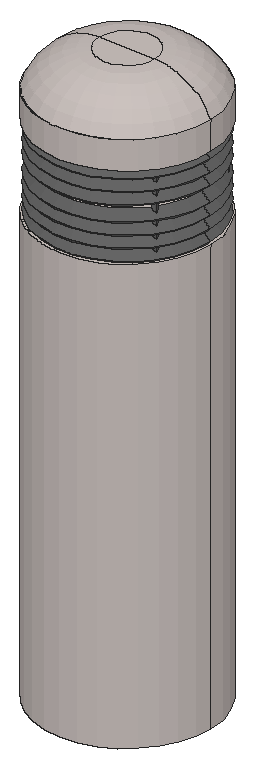
Revit family "CB12R", category Lighting Fixtures, host Face, Revit 2014
Parameters (values of type "39"")
  Wattage Comments = "37.7W"  # constant formula
  Wattage = 37 W
  built-in parameter 1150110 = 1 (stored number, unit not read)
  Voltage = 120 V
  URL = "https://www.hubbell.com/architecturalarealighting/en/"
  Type Comments = "Lighting Fixture"  # constant formula
  built-in parameter 1114217 = 1 (stored number, unit not read)
  Tilt Angle = 90.00°
  built-in parameter 1150109 = 1 (stored number, unit not read)
  built-in parameter 1150134 = 3
  built-in parameter 1150113 = 1 (stored number, unit not read)
  Grille Length = 6"
  Flat Top [instance] = not(Dome Top)  # no
  Dome Top [instance] = yes
  Copyrights = "Copyright © 2018 Hubbell"  # constant formula
  Contact Us = "https://www.hubbell.com/hubbelllightingci/en/contactUs?productId=220614"
  Body Material = Concrete-Hubbell- Sand/Cement Screed
  Shaft Height = 39"
  Series = "Concrete Bollard"  # constant formula
  Create Date = "09/25/2018"  # constant formula
  Product Page URL = "https://www.hubbell.com/hubbelllightingci/en/Products/Lighting-Controls/Commercial-Outdoor-Lighting/Bollards/Concrete-Bollard---12-Round/p/220614"
  Product Documentation Link = "https://hubbellcdn.com/specsheet/aal_cb12r_spec.pdf"
  Power Factor = 1  # constant formula
  Photometric Web Link = "https://www.hubbell.com/hubbelllightingci/en/Products/Lighting-Controls/Commercial-Outdoor-Lighting/Bollards/Concrete-Bollard---12-Round/p/220614#prod-resources-section"
  Photometric Web File = "CB12R-CO-36LED-WW.ies"
  Photometric Notes = "More IES files download on Photometric Web Link"  # constant formula
  OmniClass Title = "Lighting Bollard"  # constant formula
  OmniClass Number = "23.80.70.14.11.11"  # constant formula
  Number of Poles = 1
  Model = "CB12R"  # constant formula
  MasterFormat Title = "Parking Lighting, Roadway Lighting, Site Lighting"  # constant formula
  Manufacturer = "Architectural Area Lighting"  # constant formula
  built-in parameter 1150105 = 51.821 (stored number, unit not read)
  Lumens = 651.2 lm
  built-in parameter 1150115 = 1 (stored number, unit not read)
  Load Classification = Lighting
  built-in parameter 1150137 = (empty or 0)
  built-in parameter 1150139 = (empty or 0)
  built-in parameter 1150112 = 1 (stored number, unit not read)
  built-in parameter 1150114 = 1 (stored number, unit not read)
  Lamp = "LED"  # constant formula
  built-in parameter 1150132 = (empty or 0)
  built-in parameter 1150102 = (empty or 0)
  built-in parameter 1150107 = 3200 (stored number, unit not read)
  built-in parameter 1150138 = (empty or 0)
  built-in parameter 1150106 = 0.51821 (stored number, unit not read)
  Grille material = Paint - Hubbell - Carbon Black
  Glass Material = Glass-Kim Lighting-Clear
  Emit from Circle Diameter = 6"  # constant formula
  Emit Shape Visible in Rendering = no
  built-in parameter 1150104 = 1.6351 (stored number, unit not read)
  Dimming Lamp Color Temperature Shift = <None>
  Description = "Architectural Outdoor Lighting"  # constant formula
  Default Elevation = 0"
  Color Filter = 16777215
  built-in parameter 1114218 = 1 (stored number, unit not read)
  built-in parameter 1150133 = 10 (stored number, unit not read)
  Assembly Code = "D5020200"
  Apparent Load = 0 VA
Types (9): name | Shaft Height
  24" | 24"
  26" | 26"
  36" | 36"
  38" | 38"
  41" | 41"
  43" | 43"
  39" | 39"
  42" | 42"
  44" | 44"
Reference planes (in)
  plane 1 "Center (Front/Back)": y = 0
  plane 2: z = 0
  plane 3 "Center (Left/Right)": x = 2
  plane 4 "Top of Shaft": z = 39
  plane 5 "Left": x = -4.75
  plane 6 "Right": x = 8.75
  plane 7: x = -4
  plane 8: x = 8
  plane 9 "Back": y = 4
  plane 10 "Front": y = -4
  plane 11: z = 37
  plane 12: z = 31
  plane 13: z = 41.5
Forms (in)
  Revolve 1, solid, material "Concrete-Hubbell- Sand/Cement Screed" <- "Body Material"
    sketch origin (0, 0, 0) x (1, 0, 0) y (0, 0, 1)
      loop
        line (-4, 39) -> (-4, 0) -> (2, 0) -> (2, 39) -> (-4, 39)
      axis (2, 39) -> (2, 0)
    angle from 0 to 360
  Extrusion 2, void
    sketch origin (0, 0, 42.5) x (-1, 0, 0) y (0, -1, 0)
      loop
        circle (-2, 0) r 6
    from -11.5 to -5.5
  Revolve 3, solid, material "Paint - Hubbell - Carbon Black" <- "Grille material"
    sketch origin (0, 0, 0) x (1, 0, 0) y (0, 0, 1)
      loop
        line (-3.3125, 31.68718) -> (-3.875, 31.12468) -> (-3.73413, 30.98381) -> (-3.17163, 31.54631) -> (-3.3125, 31.68718)
      loop
        line (-3.3125, 32.53011) -> (-3.875, 31.96761) -> (-3.73413, 31.82675) -> (-3.17163, 32.38925) -> (-3.3125, 32.53011)
      loop
        line (-3.3125, 33.37305) -> (-3.875, 32.81055) -> (-3.73413, 32.66968) -> (-3.17163, 33.23218) -> (-3.3125, 33.37305)
      loop
        line (-3.3125, 34.21599) -> (-3.875, 33.65349) -> (-3.73413, 33.51262) -> (-3.17163, 34.07512) -> (-3.3125, 34.21599)
      loop
        line (-3.3125, 35.30828) -> (-3.875, 34.74578) -> (-3.73413, 34.60491) -> (-3.17163, 35.16741) -> (-3.3125, 35.30828)
      loop
        line (-3.3125, 36.15122) -> (-3.875, 35.58872) -> (-3.73413, 35.44785) -> (-3.17163, 36.01035) -> (-3.3125, 36.15122)
      loop
        line (-3.3125, 36.99416) -> (-3.875, 36.43166) -> (-3.73413, 36.29079) -> (-3.17163, 36.85329) -> (-3.3125, 36.99416)
      axis (2, 36.99416) -> (2, 30.98381)
    angle from 0 to 360
  Extrusion 4, solid, material "Paint - Hubbell - Carbon Black" <- "Grille material"
    sketch origin (0, 0, 42.5) x (-1, 0, 0) y (0, -1, 0)
      loop
        circle (-6.40735, -3.32451) r 0.17433
      loop
        circle (2.3136, -3.23076) r 0.17433
      loop
        circle (-6.3761, 3.04326) r 0.17433
      loop
        circle (2.3761, 2.91826) r 0.17433
    from -11.5 to -5.5
  Revolve 5, solid, material "Concrete-Hubbell- Sand/Cement Screed" <- "Body Material", visible <- "Dome Top"
    sketch origin (0, 0, 2.00584) x (1, 0, 0) y (0, 0, 1)
      loop
        line (2, 34.99416) -> (2, 39.49416) -> (0, 39.49416)
        arc (0, 39.49416) -> (-2.3585, 38.81775) -> (-4, 36.99416) r 4.45
        line (-4, 36.99416) -> (-4, 34.99416) -> (2, 34.99416)
      axis (2, 39.49416) -> (2, 34.99416)
    angle from 0 to 360
  Extrusion 6, solid, material "Concrete-Hubbell- Sand/Cement Screed" <- "Body Material", visible <- "Flat Top"
    sketch origin (0, 0, 42.5) x (-1, 0, 0) y (0, -1, 0)
      loop
        circle (-2, 0) r 6
    from -3.5 to -1
  Sweep 7, void
    path in 3D
      loop
        arc (8, 0, 41.5) -> (2, -6, 41.5) -> (-4, 0, 41.5) r 6
        arc (-4, 0, 41.5) -> (2, 6, 41.5) -> (8, 0, 41.5) r 6
    profile origin (2, 6, 41.5) x (0, 1, 0) y (0, 0, 1)
      loop
        line (0, 0) -> (-0.5, 0)
        arc (-0.5, 0) -> (-0.14645, -0.14645) -> (0, -0.5) r 0.5
        line (0, -0.5) -> (0, 0)
Cuts and joins
  Extrusion 2 cuts Revolve 1
  Sweep 7 cuts Extrusion 6
Lines and regions (in)
  symbolic lines
    curve 1: arc (-4.75, 0, 42.5) -> (2, 6.75, 42.5) -> (8.75, 0, 42.5) r 6.75
    curve 2: arc (8.75, 0, 42.5) -> (2, -6.75, 42.5) -> (-4.75, 0, 42.5) r 6.75
  symbolic lines, detail levels medium+fine
    curve 3: arc (-4.25, 0, 42.5) -> (2, -6.25, 42.5) -> (8.25, 0, 42.5) r 6.25
    curve 4: arc (8.25, 0, 42.5) -> (2, 6.25, 42.5) -> (-4.25, 0, 42.5) r 6.25
  symbolic lines, detail levels coarse
    curve 5: line (7.35876, -4.10441, 42.5) -> (-3.35876, 4.10441, 42.5)
    curve 6: line (-3.35876, -4.10441, 42.5) -> (7.35876, 4.10441, 42.5)
  sketch lines
    curve 7: arc (-4, 0, 41.5) -> (2, 6, 41.5) -> (8, 0, 41.5) r 6
    curve 8: arc (8, 0, 41.5) -> (2, -6, 41.5) -> (-4, 0, 41.5) r 6
Dimensions and locks (in)
  equal spacing: plane 5 "Left", plane 3 "Center (Left/Right)", plane 6 "Right"
  plane 5 "Left" to plane 6 "Right" = 13 1/2"  (x2)
  "Shaft Height": plane 4 "Top of Shaft" to plane 2
  equal spacing: plane 7, plane 3 "Center (Left/Right)", plane 8
  plane 7 to plane 8 = 12"
  locked: plane 9 "Back" to plane 10 "Front" at 8
  equal spacing: plane 9 "Back", plane 1 "Center (Front/Back)", plane 10 "Front"
  plane 4 "Top of Shaft" to plane 11 = 2"
  "Grille Length": plane 11 to plane 12
  locked: plane 13 to plane 4 "Top of Shaft" at 2.5
  aligned and locked: plane 2 to host face
  aligned and locked: level to host face
  aligned and locked: host face to Revolve 1 sketch curve
  aligned and locked: Revolve 1 to plane 4 "Top of Shaft"  (x2)
  aligned and locked: plane 1 "Center (Front/Back)" to imposter light
  aligned and locked: imposter light to plane 3 "Center (Left/Right)"
  aligned and locked: Revolve 1 sketch curve to plane 3 "Center (Left/Right)"  (x2)
  aligned and locked: Extrusion 2 to plane 12
  aligned and locked: plane 11 to Extrusion 2
  aligned and locked: cut or joined group of Revolve 1, Extrusion 2 to Extrusion 4  (x2)
  aligned and locked: Revolve 3 sketch curve to plane 3 "Center (Left/Right)"
  aligned and locked: Revolve 5 to plane 11
  aligned and locked: plane 13 to Revolve 5 sketch curve
  aligned and locked: Extrusion 6 to plane 4 "Top of Shaft"
  aligned and locked: plane 13 to Extrusion 6
  aligned and locked: imposter light to plane 11
Automatic sketch dimensions
  host sketch curve to host sketch curve = 96"  (x2)
  curve 1 to curve 3 = 0"  (x2)
  curve 4 to plane 8 = 1/4"
  plane 8 to curve 5 = 0.64124"
  plane 8 to curve 6 = 0.64124"
  curve 6 to plane 7 = 0.64124"
  curve 5 to plane 7 = 0.64124"
  Revolve 1 sketch curve to plane 4 "Top of Shaft" = 0"
  plane 7 to Revolve 1 sketch curve = 0"
  Revolve 1 sketch curve to level = 19.42928"
  plane 4 "Top of Shaft" to Revolve 1 sketch curve = 51.85205"
  plane 1 "Center (Front/Back)" to Extrusion 2 sketch curve = 0"
  Extrusion 2 sketch curve to plane 3 "Center (Left/Right)" = 0"
  plane 10 "Front" to Extrusion 4 sketch curve = 0.95674"
  plane 8 to Extrusion 4 sketch curve = 1.6239"
  Extrusion 4 sketch curve to plane 9 "Back" = 0.67549"
  plane 8 to Extrusion 4 sketch curve = 1.59265"
  plane 10 "Front" to Extrusion 4 sketch curve = 1.08174"
  Extrusion 4 sketch curve to plane 7 = 1.6239"
  Extrusion 4 sketch curve to plane 9 "Back" = 0.76924"
  Extrusion 4 sketch curve to plane 7 = 1.6864"
  Revolve 5 sketch curve to plane 3 "Center (Left/Right)" = 0"  (x2)
  plane 11 to Revolve 5 sketch curve = 0.05"
  Revolve 5 sketch curve to level = 17.42344"
  Revolve 5 sketch curve to plane 11 = 0"
  plane 4 "Top of Shaft" to Revolve 5 sketch curve = 0"
  Revolve 5 sketch curve to Revolve 5 sketch curve = 51.35789"
  plane 7 to Revolve 5 sketch curve = 0"
  Revolve 3 sketch curve to plane 7 = 1/8"  (x7)
  Revolve 3 sketch curve to Revolve 3 sketch curve = 0.14087"  (x12)
  Revolve 3 sketch curve to plane 12 = 0.01619"
  Revolve 3 sketch curve to Revolve 3 sketch curve = 0.42163"  (x6)
  Revolve 3 sketch curve to plane 11 = 0.00584"
  Revolve 3 sketch curve to plane 7 = 11/16"
  plane 12 to Revolve 3 sketch curve = 0.12468"
  Revolve 3 sketch curve to Revolve 3 sketch curve = 0.13957"  (x5)
  Revolve 3 sketch curve to Revolve 3 sketch curve = 0.38892"
  Revolve 3 sketch curve to level = 19.42928"
  plane 4 "Top of Shaft" to Revolve 3 sketch curve = 51.85205"
  plane 1 "Center (Front/Back)" to Extrusion 6 sketch curve = 0"
  Extrusion 6 sketch curve to plane 3 "Center (Left/Right)" = 0"
  Sweep 7 sketch curve to profile plane = 0"  (x2)
  profile plane to Sweep 7 sketch curve = 1/2"
  radius of Extrusion 2 sketch curve = 6"
  radius of Extrusion 4 sketch curve = 0.17433"  (x4)
  radius of Extrusion 6 sketch curve = 6"
Connectors (in)
  electrical at (2, 0, 0), driven by "Power Factor", driven by "Voltage", driven by "Apparent Load", driven by "Number of Poles", driven by "Load Classification"
    settings: on Revolve 1, index 1, voltage 120 V, apparent load 0 VA, apparent load phase1 0 VA, apparent load phase2 0 VA, apparent load phase3 0 VA, power factor 1, load classification "Lighting", number of poles 1, system type 30, power factor state 1, is connector primary yes, connector utility no, sub classification motor no, connector description "Lighting Connector"
